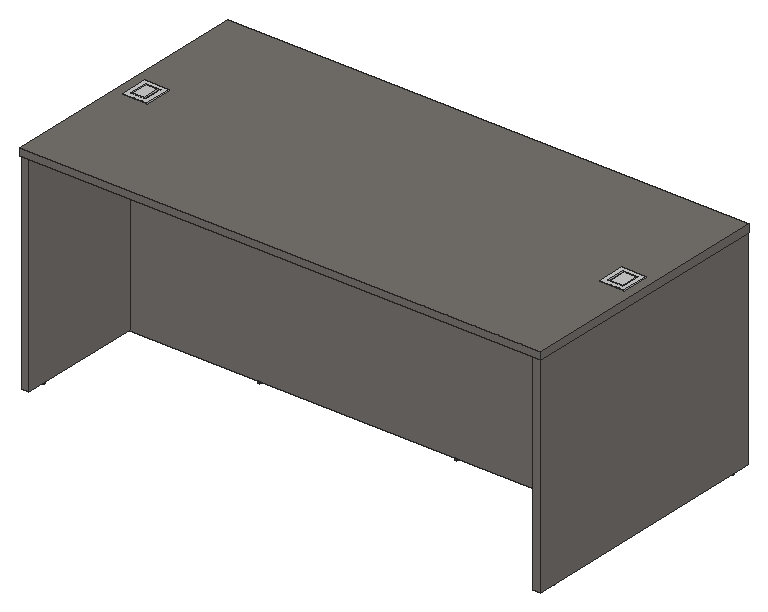
Revit family "revitupgrade", category Furniture, Revit 2020
Family settings
  Work Plane-Based = No
  Always vertical = Yes
  Cut with Voids When Loaded = No
  Shared = No
  Room Calculation Point = No
Parameters (values of type "48D x 40H - Power Cutout")
  Without Through 24'' D = no
  Width = 96.00"
  URL = "https://www.steelcase.com"
  Trough Void = 45.00"
  Top [instance] = Steelcase - 25L6 Blackwood LPL
  Symbol Name = "TS4TLP40A1,TS4TLP40A2,TS4TLP40A3,TS4TLP40A4"
  Style Number(s) = "TS4TLP40"
  Release Date = "April 2018"  # constant formula
  Product Line = "Turnstone"  # constant formula
  Product = "Campfire"  # constant formula
  Power Cutout = yes
  Opaque [instance] = yes
  Manufacturer = "Steelcase"  # constant formula
  With Trough = not(Trough Void = 45.00")  # no
  Height = 40.27"
  End Panel [instance] = Steelcase - 25L6 Blackwood LPL
  Description = ""
  Depth = 48.00"
  Default Elevation = 0.00"
  Copyright = "© 2010 Steelcase Inc."  # constant formula
  Center Rail = no
  Center Panel Height = 38.29"
  Without Trough 48'' D = yes
  Modesty Panel [instance] = Steelcase - 25L6 Blackwood LPL
  Center Panel Dist = 23.69495"
  AutoCAD Tag = "48/96"
  Authoring Version = "Revit 2016"  # constant formula
  Assembly Code = "E2020200"
Types (10): name | Without Through 24'' D | Trough Void | Symbol Name | Style Number(s) | Power Cutout | With Trough | Height | Depth | Center Rail | Center Panel Height | Without Trough 48'' D | Center Panel Dist | AutoCAD Tag
  48D x 40H - Power Cutout | no | 45.00" | "TS4TLP40A1,TS4TLP40A2,TS4TLP40A3,TS4TLP40A4" | "TS4TLP40" | yes | no | 40.27" | 48.00" | no | 38.29" | yes | 23.69495" | "48/96"
  48D x 28H - Power Cutout | no | 45.00" | "TS4TLP28A1,TS4TLP28A2,TS4TLP28A3,TS4TLP28A4" | "TS4TLP28" | yes | no | 28.00" | 48.00" | no | 26.29" | yes | 23.69495" | "48/96"
  24D x 40H | yes | 45.00" | "TS4TLH40A1,TS4TLH40A2,TS4TLH40A3,TS4TLH40A4" | "TS4TLH40" | no | no | 40.27" | 24.00" | no | 38.55" | no | 0.00" | "24/96"
  24D x 28H | yes | 45.00" | "TS4TLH28A1,TS4TLH28A2,TS4TLH28A3,TS4TLH28A4" | "TS4TLH28" | no | no | 28.00" | 24.00" | no | 26.29" | no | 0.00" | "24/96"
  48D x 28H - Through/Center Rail | no | 23.95" | "TS4TLT28A5,TS4TLT28A6,TS4TLT28A7,TS4TLT28A8" | "TS4TLT28" | yes | yes | 28.00" | 48.00" | yes | 26.29" | no | 23.69495" | "48/96"
  48D x 40H - Through/Center Rail | no | 35.95" | "TS4TLT40A5,TS4TLT40A6,TS4TLT40A7,TS4TLT40A8" | "TS4TLT40" | yes | yes | 40.00" | 48.3899" | yes | 38.29" | no | 23.69495" | "48/96"
  48D x 28H | no | 45.00" | "TS4TL2,TS4TL28A2,TS4TL28A3,TS4TL28A4" | "TS4TL28" | no | no | 28.00" | 48.00" | no | 26.29" | yes | 23.69495" | "48/96"
  48D x 28H - Through | no | 23.95" | "TS4TT2,TS4TLT28A2,TS4TLT28A3,TS4TLT28A4" | "TS4TLT28" | yes | yes | 28.00" | 48.00" | no | 26.29" | no | 23.69495" | "48/96"
  48D x 40H - Through | no | 35.95" | "TS4TT4,TS4TLT40A2,TS4TLT40A3,TS4TLT40A4" | "TS4TLT40" | yes | yes | 40.00" | 48.3899" | no | 38.29" | no | 23.69495" | "48/96"
  48D x 40H | no | 45.00" | "TS4TL4,TS4TL40A2,TS4TL40A3,TS4TL40A4" | "TS4TL40" | no | no | 40.27" | 48.00" | no | 38.56" | yes | 23.69495" | "48/96"
Reference planes (in)
  plane 1 "Center Front/Back": y = 0
  plane 2 "Bottom": z = 0
  plane 3 "Center Left/Right": x = 0
  plane 4: x = 96
  plane 5: z = 40.27
  plane 6: z = 38.8798
  plane 7: z = 0.3189
  plane 8: x = 1.5152
  plane 9: x = 0.125
  plane 10: x = 95.875
  plane 11: x = 94.4848
  plane 12: y = -0.125
  plane 13: y = -47.875
  plane 14: y = -48
  plane 15: y = -23.69495
  plane 16: y = -24.69495
  plane 17: y = -26.657
  plane 18: y = -27.657
  plane 19: y = -27.577
  plane 20: x = 85.4427
  plane 21: x = 73.4427
  plane 22: x = 64.4809
  plane 23: x = 52.4809
  plane 24: x = 43.5191
  plane 25: x = 31.5191
  plane 26: x = 22.5573
  plane 27: x = 10.5573
  plane 28: z = 37.3798
  plane 29: z = 38.7998
  plane 30: y = -21.343
  plane 31: y = -20.343
  plane 32: y = -20.423
  plane 33: z = 40.37
  plane 34: y = -21
  plane 35: y = -27
  plane 36: x = 7.89999
  plane 37: x = 88.10001
  plane 38: x = 7.99999
  plane 39: y = -26.98
  plane 40: y = -21.02
  plane 41: z = 39.97
  plane 42: z = 38.6089
  plane 43: z = 35.95
  plane 44: z = 36.065
  plane 45: z = 38.7598
  plane 46: y = -2.5
Forms (in)
  Extrusion 1, solid, material "Steelcase - 25L6 Blackwood LPL" <- "Top"
    sketch origin (0, 0, 0) x (1, 0, 0) y (0, 1, 0)
      loop
        line (0, -0.125) -> (0, -48) -> (96, -48) -> (96, -0.125) -> (0, -0.125)
    from 38.8798 to 40.27
  Extrusion 2, solid, material "Steelcase - 25L6 Blackwood LPL" <- "End Panel"
    sketch origin (0, 0, 0) x (1, 0, 0) y (0, 0, 1)
      loop
        line (0.125, 38.8798) -> (0.125, 0.3189) -> (1.5152, 0.3189) -> (1.5152, 38.8798) -> (0.125, 38.8798)
      loop
        line (94.4848, 38.8798) -> (94.4848, 0.3189) -> (95.875, 0.3189) -> (95.875, 38.8798) -> (94.4848, 38.8798)
    from 0 to 47.875
  Extrusion 3, solid, material "Steelcase - 6205 Black"
    sketch origin (0, 0, 0) x (1, 0, 0) y (0, 1, 0)
      loop
        line (1.01755, -2.625) -> (0.62255, -2.625) -> (0.2427, -3.125) -> (0.62255, -3.625) -> (1.01755, -3.625) -> (1.3974, -3.125) -> (1.01755, -2.625)
      loop
        line (1.01755, -43.62513) -> (0.62255, -43.62513) -> (0.2427, -44.12513) -> (0.62255, -44.62513) -> (1.01755, -44.62513) -> (1.3974, -44.12513) -> (1.01755, -43.62513)
      loop
        line (95.37745, -2.625) -> (94.98245, -2.625) -> (94.6026, -3.125) -> (94.98245, -3.625) -> (95.37745, -3.625) -> (95.7573, -3.125) -> (95.37745, -2.625)
      loop
        line (95.37745, -43.87487) -> (94.98245, -43.87487) -> (94.6026, -44.37487) -> (94.98245, -44.87487) -> (95.37745, -44.87487) -> (95.7573, -44.37487) -> (95.37745, -43.87487)
      loop
        line (25.55266, -23.69495) -> (25.19554, -23.69495) -> (24.79675, -24.21989) -> (25.15766, -24.69495) -> (25.59054, -24.69495) -> (25.95145, -24.21989) -> (25.55266, -23.69495)
      loop
        line (61.48554, -23.69495) -> (61.08675, -24.21989) -> (61.44766, -24.69495) -> (61.88054, -24.69495) -> (62.24145, -24.21989) -> (61.84266, -23.69495) -> (61.48554, -23.69495)
    from 0 to 0.32
  Extrusion 4, solid, material "Steelcase - 4799 Platinum Metallic", visible <- "Without Trough 48'' D"
    sketch origin (0, 0, 0) x (1, 0, 0) y (0, 0, 1)
      loop
        line (10.5573, 37.3798) -> (22.5573, 37.3798) -> (22.5573, 38.8798) -> (10.5573, 38.8798) -> (10.5573, 37.3798)
      loop
        line (31.5191, 37.3798) -> (43.5191, 37.3798) -> (43.5191, 38.8798) -> (31.5191, 38.8798) -> (31.5191, 37.3798)
      loop
        line (52.4809, 37.3798) -> (64.4809, 37.3798) -> (64.4809, 38.8798) -> (52.4809, 38.8798) -> (52.4809, 37.3798)
      loop
        line (73.4427, 37.3798) -> (85.4427, 37.3798) -> (85.4427, 38.8798) -> (73.4427, 38.8798) -> (73.4427, 37.3798)
    from 27.577 to 27.657
  Extrusion 5, solid, material "Steelcase - 4799 Platinum Metallic", visible <- "Without Trough 48'' D"
    sketch origin (0, 0, 0) x (1, 0, 0) y (0, 1, 0)
      loop
        line (10.5573, -26.657) -> (10.5573, -27.577) -> (22.5573, -27.577) -> (22.5573, -26.657) -> (10.5573, -26.657)
      loop
        line (31.5191, -26.657) -> (31.5191, -27.577) -> (43.5191, -27.577) -> (43.5191, -26.657) -> (31.5191, -26.657)
      loop
        line (52.4809, -26.657) -> (52.4809, -27.577) -> (64.4809, -27.577) -> (64.4809, -26.657) -> (52.4809, -26.657)
      loop
        line (73.4427, -26.657) -> (73.4427, -27.577) -> (85.4427, -27.577) -> (85.4427, -26.657) -> (73.4427, -26.657)
    from 38.7998 to 38.8798
  Extrusion 6, solid, material "Steelcase - 4799 Platinum Metallic", visible <- "Without Trough 48'' D"
    sketch origin (0, -48, 0) x (1, 0, 0) y (0, 1, 0)
      loop
        line (10.5573, 26.657) -> (22.5573, 26.657) -> (22.5573, 27.577) -> (10.5573, 27.577) -> (10.5573, 26.657)
      loop
        line (31.5191, 26.657) -> (43.5191, 26.657) -> (43.5191, 27.577) -> (31.5191, 27.577) -> (31.5191, 26.657)
      loop
        line (52.4809, 26.657) -> (64.4809, 26.657) -> (64.4809, 27.577) -> (52.4809, 27.577) -> (52.4809, 26.657)
      loop
        line (73.4427, 26.657) -> (85.4427, 26.657) -> (85.4427, 27.577) -> (73.4427, 27.577) -> (73.4427, 26.657)
    from 38.7998 to 38.8798
  Extrusion 7, solid, material "Steelcase - 4799 Platinum Metallic", visible <- "Without Trough 48'' D"
    sketch origin (0, -47.99716, -4.5) x (1, 0, 0) y (0, 0, -1)
      loop
        line (10.5573, -41.8798) -> (10.5573, -43.3798) -> (22.5573, -43.3798) -> (22.5573, -41.8798) -> (10.5573, -41.8798)
      loop
        line (31.5191, -41.8798) -> (31.5191, -43.3798) -> (43.5191, -43.3798) -> (43.5191, -41.8798) -> (31.5191, -41.8798)
      loop
        line (52.4809, -41.8798) -> (52.4809, -43.3798) -> (64.4809, -43.3798) -> (64.4809, -41.8798) -> (52.4809, -41.8798)
      loop
        line (73.4427, -41.8798) -> (73.4427, -43.3798) -> (85.4427, -43.3798) -> (85.4427, -41.8798) -> (73.4427, -41.8798)
    from 27.57416 to 27.65416
  Extrusion 8, void, detail levels fine
    sketch origin (0, 0, 0) x (1, 0, 0) y (0, 1, 0)
      loop
        line (0, -21) -> (0, -27) -> (96, -27) -> (96, -21) -> (0, -21)
    from 45 <- "Trough Void" to 40.27
  Extrusion 9, solid, material "Steelcase - 4799 Platinum Metallic", visible <- "With Trough"
    sketch origin (88.10001, -20.02, 48) x (0, -1, 0) y (0, 0, 1)
      loop
        line (-1.02, -12.05) -> (8.98, -12.05) -> (8.98, -9.2402) -> (9.98, -9.2402) -> (9.98, -9.1202) -> (8.865, -9.1202) -> (8.865, -11.935) -> (-0.905, -11.935) -> (-0.905, -9.1202) -> (-2.02, -9.1202) -> (-2.02, -9.2402) -> (-1.02, -9.2402) -> (-1.02, -12.05)
    from 0 to 80.20001
  Extrusion 10, solid, material "Steelcase - 8043 Clear Anodized Aluminum", visible <- "With Trough"
    sketch origin (0, 0, 0) x (1, 0, 0) y (0, 1, 0)
      loop
        line (0, -21.02) -> (0, -26.98) -> (7.99999, -26.98) -> (7.99999, -21.02) -> (0, -21.02)
      loop
        line (1.8, -21.5) -> (1.8, -26.5) -> (6.22, -26.5) -> (6.22, -21.5) -> (1.8, -21.5)
      loop
        line (96, -21.02) -> (88.00001, -21.02) -> (88.00001, -26.98) -> (96, -26.98) -> (96, -21.02)
      loop
        line (94.2, -21.5) -> (89.78, -21.5) -> (89.78, -26.5) -> (94.2, -26.5) -> (94.2, -21.5)
    from 38.8798 to 40.27
  Extrusion 11, solid, material "Steelcase - 8043 Clear Anodized Aluminum", visible <- "Power Cutout"
    sketch origin (0, 0, 0) x (1, 0, 0) y (0, 1, 0)
      loop
        line (1.8, -21.5) -> (1.8, -26.5) -> (6.22, -26.5) -> (6.22, -21.5) -> (1.8, -21.5)
      loop
        line (2.60001, -22.3) -> (2.60001, -25.7) -> (5.41999, -25.7) -> (5.41999, -22.3) -> (2.60001, -22.3)
      loop
        line (2.74999, -22.35) -> (2.74999, -25.65) -> (4.92, -25.65) -> (4.92, -22.35) -> (2.74999, -22.35)
      loop
        line (94.19999, -21.5) -> (89.77999, -21.5) -> (89.77999, -26.5) -> (94.19999, -26.5) -> (94.19999, -21.5)
      loop
        line (93.39998, -22.3) -> (90.58, -22.3) -> (90.58, -25.7) -> (93.39998, -25.7) -> (93.39998, -22.3)
      loop
        line (93.25, -22.35) -> (91.07999, -22.35) -> (91.07999, -25.65) -> (93.25, -25.65) -> (93.25, -22.35)
    from 39.97 to 40.37
  Extrusion 12, solid, material "Steelcase - 25L6 Blackwood LPL" <- "Modesty Panel"
    sketch origin (0, 0, 0) x (1, 0, 0) y (0, 1, 0)
      loop
        line (1.5152, -23.69495) -> (1.5152, -24.69495) -> (94.4848, -24.69495) -> (94.4848, -23.69495) -> (1.5152, -23.69495)
    from 0.3189 to 38.6089
  Extrusion 13, solid, material "Steelcase - 8043 Clear Anodized Aluminum", visible <- "With Trough"
    sketch origin (0, 0, 0) x (1, 0, 0) y (0, 1, 0)
      loop
        line (7.89999, -21.02) -> (7.89999, -26.98) -> (7.99999, -26.98) -> (7.99999, -21.02) -> (7.89999, -21.02)
      loop
        line (88.00001, -21) -> (88.00001, -27) -> (88.10001, -27) -> (88.10001, -21) -> (88.00001, -21)
    from 35.95 to 38.8798
  Extrusion 14, solid, material "Steelcase - 4799 Platinum Metallic", visible <- "Without Through 24'' D"
    sketch origin (0, 0, 0) x (1, 0, 0) y (0, 1, 0)
      loop
        line (10.5573, -2.5) -> (10.5573, -3.5499) -> (22.5573, -3.5499) -> (22.5573, -2.5) -> (10.5573, -2.5)
    from 38.7998 to 38.8798
  Extrusion 15, solid, material "Steelcase - 4799 Platinum Metallic", visible <- "Without Through 24'' D"
    sketch origin (0, 0, 0) x (0, 1, 0) y (0, 0, 1)
      loop
        line (-3.5499, 38.8798) -> (-3.60399, 38.8798) -> (-3.60399, 37.3798) -> (-3.5499, 37.3798) -> (-3.5499, 38.8798)
    from 10.5573 to 22.5573
  Extrusion 16, solid, material "Steelcase - 4799 Platinum Metallic", visible <- "Without Through 24'' D"
    sketch origin (20.9618, 0, 0) x (1, 0, 0) y (0, 1, 0)
      loop
        line (10.5573, -2.5) -> (10.5573, -3.5499) -> (22.5573, -3.5499) -> (22.5573, -2.5) -> (10.5573, -2.5)
    from 38.7998 to 38.6089
  Extrusion 17, solid, material "Steelcase - 4799 Platinum Metallic", visible <- "Without Through 24'' D"
    sketch origin (41.9236, 0, 0) x (1, 0, 0) y (0, 1, 0)
      loop
        line (10.5573, -2.5) -> (10.5573, -3.5499) -> (22.5573, -3.5499) -> (22.5573, -2.5) -> (10.5573, -2.5)
    from 38.7998 to 38.6089
  Extrusion 18, solid, material "Steelcase - 4799 Platinum Metallic", visible <- "Without Through 24'' D"
    sketch origin (62.8854, 0, 0) x (1, 0, 0) y (0, 1, 0)
      loop
        line (10.5573, -2.5) -> (10.5573, -3.5499) -> (22.5573, -3.5499) -> (22.5573, -2.5) -> (10.5573, -2.5)
    from 38.7998 to 38.6089
  Extrusion 19, solid, material "Steelcase - 4799 Platinum Metallic", visible <- "Without Through 24'' D"
    sketch origin (0, 0, 0) x (0, 1, 0) y (0, 0, 1)
      loop
        line (-3.5499, 38.8798) -> (-3.60399, 38.8798) -> (-3.60399, 37.3798) -> (-3.5499, 37.3798) -> (-3.5499, 38.8798)
    from 31.5191 to 43.5191
  Extrusion 20, solid, material "Steelcase - 4799 Platinum Metallic", visible <- "Without Through 24'' D"
    sketch origin (0, 0, 0) x (0, 1, 0) y (0, 0, 1)
      loop
        line (-3.5499, 38.8798) -> (-3.60399, 38.8798) -> (-3.60399, 37.3798) -> (-3.5499, 37.3798) -> (-3.5499, 38.8798)
    from 52.4809 to 64.4809
  Extrusion 21, solid, material "Steelcase - 4799 Platinum Metallic", visible <- "Without Through 24'' D"
    sketch origin (0, 0, 0) x (0, 1, 0) y (0, 0, 1)
      loop
        line (-3.5499, 38.8798) -> (-3.60399, 38.8798) -> (-3.60399, 37.3798) -> (-3.5499, 37.3798) -> (-3.5499, 38.8798)
    from 73.4427 to 85.4427
Cuts and joins
  Extrusion 8 cuts Extrusion 3
  Extrusion 8 cuts Extrusion 1
  joined: Extrusion 10, Extrusion 13
  Extrusion 8 cuts Extrusion 12
Lines and regions (in)
  Masking region 1, visible <- "Opaque"
    outline origin (0, 0, 0) x (1, 0, 0) y (0, 1, 0)
      loop
        line (96, 0) -> (0, 0) -> (0, -48) -> (96, -48) -> (96, 0)
  symbolic lines, style "Steelcase Hidden Lines", detail levels medium+fine
    curve 1: line (1.5152, -0.125, 0) -> (1.5152, -47.875, 0)
    curve 2: line (0.125, -47.875, 0) -> (0.125, -0.125, 0)
    curve 3: line (0.125, -0.125, 0) -> (1.5152, -0.125, 0)
    curve 4: line (1.5152, -47.875, 0) -> (0.125, -47.875, 0)
    curve 5: line (94.4848, 0, 0) -> (1.5152, 0, 0)
    curve 6: line (94.4848, -47.875, 0) -> (94.4848, -0.125, 0)
    curve 7: line (95.875, -0.125, 0) -> (95.875, -47.875, 0)
    curve 8: line (95.875, -47.875, 0) -> (94.4848, -47.875, 0)
    curve 9: line (94.4848, -0.125, 0) -> (95.875, -0.125, 0)
  symbolic lines, style "Steelcase Furniture", visible <- "With Trough", detail levels medium+fine
    curve 10: line (0, -21, 0) -> (96, -21, 0)
    curve 11: line (0, -27, 0) -> (96, -27, 0)
    curve 12: line (8, -21.02, 0) -> (0, -21.02, 0)
    curve 13: line (8, -26.98, 0) -> (8, -21.02, 0)
    curve 14: line (0, -26.98, 0) -> (8, -26.98, 0)
    curve 15: line (88, -21.02, 0) -> (88, -26.98, 0)
    curve 16: line (96, -21.02, 0) -> (88, -21.02, 0)
    curve 17: line (88, -26.98, 0) -> (96, -26.98, 0)
  symbolic lines, style "Steelcase Hidden Lines", visible <- "Without Trough 48'' D", detail levels medium+fine
    curve 18: line (31.5191, -27.657, 0) -> (43.5191, -27.657, 0)
    curve 19: line (43.5191, -26.657, 0) -> (31.5191, -26.657, 0)
    curve 20: line (31.5191, -26.657, 0) -> (31.5191, -27.657, 0)
    curve 21: line (43.5191, -27.657, 0) -> (43.5191, -26.657, 0)
    curve 22: line (10.5573, -27.657, 0) -> (22.5573, -27.657, 0)
    curve 23: line (22.5573, -26.657, 0) -> (10.5573, -26.657, 0)
    curve 24: line (10.5573, -26.657, 0) -> (10.5573, -27.657, 0)
    curve 25: line (22.5573, -27.657, 0) -> (22.5573, -26.657, 0)
    curve 26: line (10.5573, -21.343, 0) -> (22.5573, -21.343, 0)
    curve 27: line (22.5573, -20.343, 0) -> (10.5573, -20.343, 0)
    curve 28: line (10.5573, -20.343, 0) -> (10.5573, -21.343, 0)
    curve 29: line (22.5573, -21.343, 0) -> (22.5573, -20.343, 0)
    curve 30: line (31.5191, -21.343, 0) -> (43.5191, -21.343, 0)
    curve 31: line (43.5191, -20.343, 0) -> (31.5191, -20.343, 0)
    curve 32: line (31.5191, -20.343, 0) -> (31.5191, -21.343, 0)
    curve 33: line (43.5191, -21.343, 0) -> (43.5191, -20.343, 0)
    curve 34: line (52.4809, -21.343, 0) -> (64.4809, -21.343, 0)
    curve 35: line (64.4809, -20.343, 0) -> (52.4809, -20.343, 0)
    curve 36: line (52.4809, -20.343, 0) -> (52.4809, -21.343, 0)
    curve 37: line (64.4809, -21.343, 0) -> (64.4809, -20.343, 0)
    curve 38: line (52.4809, -27.657, 0) -> (64.4809, -27.657, 0)
    curve 39: line (64.4809, -26.657, 0) -> (52.4809, -26.657, 0)
    curve 40: line (52.4809, -26.657, 0) -> (52.4809, -27.657, 0)
    curve 41: line (64.4809, -27.657, 0) -> (64.4809, -26.657, 0)
    curve 42: line (73.4427, -21.343, 0) -> (85.4427, -21.343, 0)
    curve 43: line (85.4427, -20.343, 0) -> (73.4427, -20.343, 0)
    curve 44: line (73.4427, -20.343, 0) -> (73.4427, -21.343, 0)
    curve 45: line (85.4427, -21.343, 0) -> (85.4427, -20.343, 0)
    curve 46: line (73.4427, -27.657, 0) -> (85.4427, -27.657, 0)
    curve 47: line (85.4427, -26.657, 0) -> (73.4427, -26.657, 0)
    curve 48: line (73.4427, -26.657, 0) -> (73.4427, -27.657, 0)
    curve 49: line (85.4427, -27.657, 0) -> (85.4427, -26.657, 0)
  symbolic lines, style "Steelcase Furniture"
    curve 50: line (0, 0, 0) -> (96, 0, 0)
    curve 51: line (0, -48, 0) -> (0, 0, 0)
    curve 52: line (96, -48, 0) -> (0, -48, 0)
    curve 53: line (96, 0, 0) -> (96, -48, 0)
  symbolic lines, style "Steelcase Hidden Lines", visible <- "Without Through 24'' D"
    curve 54: line (10.5573, -2.5, 0) -> (10.5573, -3.60399, 0)
    curve 55: line (10.5573, -3.60399, 0) -> (22.5573, -3.60399, 0)
    curve 56: line (22.5573, -2.5, 0) -> (10.5573, -2.5, 0)
    curve 57: line (22.5573, -3.60399, 0) -> (22.5573, -2.5, 0)
    curve 58: line (31.5191, -2.5, 0) -> (31.5191, -3.60399, 0)
    curve 59: line (31.5191, -3.60399, 0) -> (43.5191, -3.60399, 0)
    curve 60: line (43.5191, -2.5, 0) -> (31.5191, -2.5, 0)
    curve 61: line (43.5191, -3.60399, 0) -> (43.5191, -2.5, 0)
    curve 62: line (64.4809, -3.60399, 0) -> (64.4809, -2.5, 0)
    curve 63: line (64.4809, -2.5, 0) -> (52.4809, -2.5, 0)
    curve 64: line (52.4809, -3.60399, 0) -> (64.4809, -3.60399, 0)
    curve 65: line (52.4809, -2.5, 0) -> (52.4809, -3.60399, 0)
    curve 66: line (73.4427, -2.5, 0) -> (73.4427, -3.60399, 0)
    curve 67: line (85.4427, -2.5, 0) -> (73.4427, -2.5, 0)
    curve 68: line (85.4427, -3.60399, 0) -> (85.4427, -2.5, 0)
    curve 69: line (73.4427, -3.60399, 0) -> (85.4427, -3.60399, 0)
  symbolic lines, style "Steelcase Furniture", visible <- "Power Cutout"
    curve 70: line (1.8, -21.5, 0) -> (6.22, -21.5, 0)
    curve 71: line (1.8, -26.5, 0) -> (1.8, -21.5, 0)
    curve 72: line (6.22, -26.5, 0) -> (1.8, -26.5, 0)
    curve 73: line (6.22, -21.5, 0) -> (6.22, -26.5, 0)
    curve 74: line (89.78, -21.5, 0) -> (94.19999, -21.5, 0)
    curve 75: line (89.78, -26.5, 0) -> (89.78, -21.5, 0)
    curve 76: line (94.19999, -26.5, 0) -> (89.78, -26.5, 0)
    curve 77: line (94.19999, -21.5, 0) -> (94.19999, -26.5, 0)
  symbolic lines, style "Steelcase Hidden Lines"
    curve 78: line (94.4848, -24.69495, 0) -> (1.5152, -24.69495, 0)
    curve 79: line (94.4848, -23.69495, 0) -> (94.4848, -24.69495, 0)
    curve 80: line (1.5152, -23.69495, 0) -> (94.4848, -23.69495, 0)
    curve 81: line (1.5152, -24.69495, 0) -> (1.5152, -23.69495, 0)
Dimensions and locks (in)
  plane 3 "Center Left/Right" to plane 9 to plane 8 = 0.125" locked, 1.3902" locked
  plane 11 to plane 10 to plane 4 = 1.3902" locked, 0.125" locked
  locked: plane 12 to plane 1 "Center Front/Back" at 0.125
  locked: plane 14 to plane 13 at 0.125
  plane 30 to plane 32 to plane 31 = 0.92" locked, 0.08" locked
  plane 17 to plane 19 to plane 18 = 0.92" locked, 0.08" locked
  "Center Panel Height": plane 42 to plane 7
  "Height": plane 5 to plane 2 "Bottom"
  locked: plane 7 to plane 2 "Bottom" at 0.3189
  plane 33 to plane 5 to plane 41 to plane 6 to plane 29 to plane 45 to plane 28 to plane 44 to plane 43 = 0.10" locked, 0.30" locked, 1.0902" locked, 0.08" locked, 0.04" locked, 1.38" locked, 1.3148" locked, 0.115"
  "Width": plane 3 "Center Left/Right" to plane 4
  "Depth": plane 14 to plane 1 "Center Front/Back"
  locked: plane 15 to plane 16 at 1
  "Center Panel Dist": plane 1 "Center Front/Back" to plane 15
  plane 46 to plane 1 "Center Front/Back" = 2.50"
  aligned and locked: level to plane 2 "Bottom"
  aligned and locked: plane 5 to Extrusion 1
  aligned and locked: Extrusion 1 to plane 6
  aligned and locked: Extrusion 2 to plane 1 "Center Front/Back"
  aligned and locked: Extrusion 1 to plane 12
  aligned and locked: plane 13 to Extrusion 2
  aligned and locked: plane 14 to Extrusion 1
  aligned and locked: Extrusion 3 to plane 2 "Bottom"
  aligned and locked: Extrusion 4 to plane 18
  aligned and locked: plane 19 to Extrusion 4
  aligned and locked: plane 29 to Extrusion 5
  aligned and locked: plane 6 to Extrusion 5
  aligned and locked: Extrusion 6 to plane 32  (x4)
  aligned and locked: Extrusion 7 to plane 31
  aligned and locked: Extrusion 7 to plane 32
  aligned and locked: plane 30 to Extrusion 6  (x2)
  aligned and locked: Extrusion 6 to plane 30  (x2)
  aligned and locked: plane 6 to Extrusion 7
  aligned and locked: Extrusion 7 to plane 28
  aligned and locked: Extrusion 7 to plane 6  (x3)
  aligned and locked: plane 28 to Extrusion 7  (x3)
  aligned and locked: Extrusion 6 to plane 29
  aligned and locked: Extrusion 6 to plane 6
  aligned and locked: Extrusion 1 to Extrusion 8
  aligned and locked: plane 36 to Extrusion 9
  aligned and locked: Extrusion 10 to plane 5
  aligned and locked: Extrusion 10 to plane 6
  aligned and locked: plane 33 to Extrusion 11
  aligned and locked: Extrusion 11 to plane 41
  aligned and locked: plane 8 to Extrusion 12
  aligned and locked: Extrusion 12 to plane 11
  aligned and locked: Extrusion 12 to plane 7
  aligned and locked: Extrusion 12 to plane 42
  aligned and locked: plane 38 to Extrusion 13 sketch curve
  aligned and locked: Extrusion 13 sketch curve to plane 36
  aligned and locked: plane 40 to Extrusion 13 sketch curve
  aligned and locked: Extrusion 13 sketch curve to plane 39
  aligned and locked: plane 43 to Extrusion 13
  aligned and locked: plane 6 to Extrusion 13
  aligned and locked: Masking region 1 sketch curve to plane 1 "Center Front/Back"
  aligned and locked: plane 14 to Masking region 1 sketch curve
  aligned and locked: Masking region 1 sketch curve to plane 3 "Center Left/Right"
  aligned and locked: Masking region 1 sketch curve to plane 4
  aligned and locked: plane 15 to Extrusion 12
  aligned and locked: Extrusion 12 to plane 16
  aligned and locked: Extrusion 12 sketch curve to plane 15
  aligned and locked: plane 16 to Extrusion 12 sketch curve
  aligned and locked: plane 44 to nested 1
  aligned and locked: Extrusion 14 to cut or joined group of Extrusion 1, Extrusion 8
  aligned and locked: Extrusion 14 to plane 29
  aligned and locked: cut or joined group of Extrusion 1, Extrusion 8 to Extrusion 15 sketch curve
  aligned and locked: plane 28 to Extrusion 15 sketch curve
  aligned and locked: Extrusion 15 to Extrusion 14
  aligned and locked: Extrusion 15 to plane 27
  aligned and locked: plane 26 to Extrusion 15
  aligned and locked: Extrusion 16 to plane 29
  aligned and locked: Extrusion 17 to plane 29
  aligned and locked: Extrusion 18 to plane 29
  aligned and locked: Extrusion 16 to plane 42
  aligned and locked: Extrusion 17 to plane 42
  aligned and locked: Extrusion 18 to plane 42
  aligned and locked: curve 54 to Extrusion 14
  aligned and locked: curve 55 to Extrusion 15
  aligned and locked: curve 56 to Extrusion 14
  aligned and locked: curve 57 to Extrusion 14
  aligned and locked: curve 58 to Extrusion 16
  aligned and locked: curve 59 to Extrusion 19
  aligned and locked: curve 60 to Extrusion 16
  aligned and locked: curve 61 to Extrusion 16
  aligned and locked: curve 62 to Extrusion 17
  aligned and locked: curve 63 to Extrusion 17
  aligned and locked: curve 64 to Extrusion 20
  aligned and locked: curve 65 to Extrusion 17
  aligned and locked: curve 66 to Extrusion 18
  aligned and locked: curve 67 to Extrusion 18
  aligned and locked: curve 68 to Extrusion 18
  aligned and locked: curve 69 to Extrusion 21
  aligned and locked: Extrusion 3 sketch curve to plane 15
  aligned and locked: Extrusion 3 sketch curve to plane 16
  aligned and locked: curve 70 to Extrusion 11
  aligned and locked: curve 71 to Extrusion 11
  aligned and locked: curve 72 to Extrusion 11
  aligned and locked: curve 73 to Extrusion 11
  aligned and locked: curve 74 to cut or joined group of Extrusion 10, Extrusion 13
  aligned and locked: curve 75 to cut or joined group of Extrusion 10, Extrusion 13
  aligned and locked: curve 76 to Extrusion 11
  aligned and locked: curve 77 to Extrusion 11
  aligned and locked: curve 78 to cut or joined group of Extrusion 8, Extrusion 12
  aligned and locked: curve 79 to curve 6
  aligned and locked: curve 80 to plane 15
Automatic sketch dimensions
  Extrusion 1 sketch curve to plane 3 "Center Left/Right" = 0.00"
  Extrusion 1 sketch curve to plane 4 = 0.00"
  plane 14 to Extrusion 1 sketch curve = 0.00"
  plane 12 to Extrusion 1 sketch curve = 0.00"
  Extrusion 2 sketch curve to plane 7 = 0.00"  (x2)
  plane 9 to Extrusion 2 sketch curve = 0.00"
  plane 8 to Extrusion 2 sketch curve = 0.00"
  Extrusion 2 sketch curve to plane 6 = 0.00"  (x2)
  plane 11 to Extrusion 2 sketch curve = 0.00"
  plane 10 to Extrusion 2 sketch curve = 0.00"
  Extrusion 4 sketch curve to plane 6 = 0.00"  (x4)
  plane 27 to Extrusion 4 sketch curve = 0.00"
  plane 26 to Extrusion 4 sketch curve = 0.00"
  plane 25 to Extrusion 4 sketch curve = 0.00"
  plane 24 to Extrusion 4 sketch curve = 0.00"
  plane 23 to Extrusion 4 sketch curve = 0.00"
  plane 22 to Extrusion 4 sketch curve = 0.00"
  plane 21 to Extrusion 4 sketch curve = 0.00"
  plane 20 to Extrusion 4 sketch curve = 0.00"
  Extrusion 4 sketch curve to plane 28 = 0.00"  (x4)
  Extrusion 5 sketch curve to plane 19 = 0.00"  (x4)
  Extrusion 5 sketch curve to plane 27 = 0.00"
  Extrusion 5 sketch curve to plane 26 = 0.00"
  Extrusion 5 sketch curve to plane 17 = 0.00"  (x4)
  Extrusion 5 sketch curve to plane 25 = 0.00"
  Extrusion 5 sketch curve to plane 24 = 0.00"
  Extrusion 5 sketch curve to plane 23 = 0.00"
  Extrusion 5 sketch curve to plane 22 = 0.00"
  Extrusion 5 sketch curve to plane 21 = 0.00"
  Extrusion 5 sketch curve to plane 20 = 0.00"
  Extrusion 6 sketch curve to plane 27 = 0.00"
  Extrusion 6 sketch curve to plane 26 = 0.00"
  Extrusion 6 sketch curve to plane 25 = 0.00"
  Extrusion 6 sketch curve to plane 24 = 0.00"
  Extrusion 6 sketch curve to plane 23 = 0.00"
  Extrusion 6 sketch curve to plane 22 = 0.00"
  Extrusion 6 sketch curve to plane 21 = 0.00"
  Extrusion 6 sketch curve to plane 20 = 0.00"
  plane 32 to Extrusion 6 sketch curve = 0.00"  (x3)
  Extrusion 6 sketch curve to plane 32 = 0.00"
  plane 30 to Extrusion 6 sketch curve = 0.00"  (x4)
  Extrusion 7 sketch curve to plane 6 = 0.00"  (x4)
  plane 27 to Extrusion 7 sketch curve = 0.00"
  plane 26 to Extrusion 7 sketch curve = 0.00"
  plane 25 to Extrusion 7 sketch curve = 0.00"
  plane 24 to Extrusion 7 sketch curve = 0.00"
  plane 23 to Extrusion 7 sketch curve = 0.00"
  plane 22 to Extrusion 7 sketch curve = 0.00"
  plane 21 to Extrusion 7 sketch curve = 0.00"
  plane 20 to Extrusion 7 sketch curve = 0.00"
  Extrusion 7 sketch curve to plane 28 = 0.00"  (x4)
  Extrusion 8 sketch curve to plane 3 "Center Left/Right" = 0.00"
  Extrusion 8 sketch curve to plane 4 = 0.00"
  plane 35 to Extrusion 8 sketch curve = 0.00"
  plane 34 to Extrusion 8 sketch curve = 0.00"
  Extrusion 9 sketch curve to plane 6 = 0.00"  (x2)
  plane 45 to Extrusion 9 sketch curve = 0.00"  (x2)
  plane 43 to Extrusion 9 sketch curve = 0.00"
  plane 44 to Extrusion 9 sketch curve = 0.00"
  Extrusion 9 sketch curve to plane 31 = 2.343"
  Extrusion 9 sketch curve to Extrusion 9 sketch curve = 1.00"  (x2)
  Extrusion 9 sketch curve to Extrusion 9 sketch curve = 0.115"  (x2)
  Extrusion 9 sketch curve to plane 18 = 1.228"
  Extrusion 10 sketch curve to plane 3 "Center Left/Right" = 0.00"
  Extrusion 10 sketch curve to plane 38 = 0.00"
  plane 40 to Extrusion 10 sketch curve = 0.00"  (x2)
  plane 39 to Extrusion 10 sketch curve = 0.00"  (x2)
  Extrusion 10 sketch curve to plane 4 = 0.00"
  Extrusion 10 sketch curve to plane 8 = 0.2848"
  plane 30 to Extrusion 10 sketch curve = 0.157"  (x2)
  plane 36 to Extrusion 10 sketch curve = 1.67999"
  plane 37 to Extrusion 10 sketch curve = 0.10"
  Extrusion 10 sketch curve to plane 37 = 1.67999"
  plane 11 to Extrusion 10 sketch curve = 0.2848"
  plane 17 to Extrusion 10 sketch curve = 0.157"  (x2)
  Extrusion 11 sketch curve to plane 8 = 0.2848"
  Extrusion 11 sketch curve to plane 8 = 1.08481"
  Extrusion 11 sketch curve to Extrusion 11 sketch curve = 0.14999"  (x2)
  plane 17 to Extrusion 11 sketch curve = 1.007"  (x2)
  Extrusion 11 sketch curve to Extrusion 11 sketch curve = 2.17001"
  Extrusion 11 sketch curve to Extrusion 11 sketch curve = 0.49999"  (x2)
  plane 30 to Extrusion 11 sketch curve = 0.157"  (x2)
  Extrusion 11 sketch curve to Extrusion 11 sketch curve = 0.80001"  (x2)
  Extrusion 11 sketch curve to plane 37 = 1.67998"
  plane 11 to Extrusion 11 sketch curve = 1.2348"
  plane 11 to Extrusion 11 sketch curve = 0.28481"
  Extrusion 11 sketch curve to Extrusion 11 sketch curve = 0.05"  (x4)
  plane 17 to Extrusion 11 sketch curve = 0.157"  (x2)
  plane 30 to Extrusion 11 sketch curve = 1.007"  (x2)
  Extrusion 12 sketch curve to plane 8 = 0.00"
  Extrusion 12 sketch curve to plane 11 = 0.00"
  plane 34 to Extrusion 13 sketch curve = 0.00"
  plane 35 to Extrusion 13 sketch curve = 0.00"
  Extrusion 13 sketch curve to plane 37 = 0.00"
  plane 37 to Extrusion 13 sketch curve = 0.10"
  Extrusion 14 sketch curve to plane 27 = 0.00"
  Extrusion 14 sketch curve to plane 26 = 0.00"
  plane 46 to Extrusion 14 sketch curve = 0.00"
  plane 46 to Extrusion 14 sketch curve = 1.0499"
  plane 46 to Extrusion 15 sketch curve = 1.10399"
  Extrusion 15 sketch curve to Extrusion 15 sketch curve = 0.05409"
  Extrusion 16 sketch curve to plane 25 = 0.00"
  Extrusion 16 sketch curve to plane 24 = 0.00"
  plane 46 to Extrusion 16 sketch curve = 0.00"
  Extrusion 16 sketch curve to Extrusion 16 sketch curve = 1.0499"
  Extrusion 17 sketch curve to plane 23 = 0.00"
  Extrusion 17 sketch curve to plane 22 = 0.00"
  plane 46 to Extrusion 17 sketch curve = 0.00"
  Extrusion 17 sketch curve to Extrusion 17 sketch curve = 1.0499"
  Extrusion 18 sketch curve to plane 21 = 0.00"
  Extrusion 18 sketch curve to plane 20 = 0.00"
  plane 46 to Extrusion 18 sketch curve = 0.00"
  Extrusion 18 sketch curve to Extrusion 18 sketch curve = 1.0499"
  plane 6 to Extrusion 19 sketch curve = 0.00"
  Extrusion 19 sketch curve to plane 28 = 0.00"
  plane 46 to Extrusion 19 sketch curve = 1.10399"
  Extrusion 19 sketch curve to Extrusion 19 sketch curve = 0.05409"
  plane 6 to Extrusion 20 sketch curve = 0.00"
  Extrusion 20 sketch curve to plane 28 = 0.00"
  plane 46 to Extrusion 20 sketch curve = 1.10399"
  Extrusion 20 sketch curve to Extrusion 20 sketch curve = 0.05409"
  plane 6 to Extrusion 21 sketch curve = 0.00"
  Extrusion 21 sketch curve to plane 28 = 0.00"
  plane 46 to Extrusion 21 sketch curve = 1.10399"
  Extrusion 21 sketch curve to Extrusion 21 sketch curve = 0.05409"
  Extrusion 3 sketch curve to plane 16 = 0.00"
  Extrusion 3 sketch curve to plane 15 = 0.00"
  Extrusion 3 sketch curve to plane 9 = 0.1177"  (x2)
  plane 46 to Extrusion 3 sketch curve = 0.125"  (x2)
  Extrusion 3 sketch curve to plane 9 = 0.49755"  (x4)
  Extrusion 3 sketch curve to Extrusion 3 sketch curve = 0.395"  (x8)
  plane 8 to Extrusion 3 sketch curve = 0.1178"  (x2)
  plane 16 to Extrusion 3 sketch curve = 0.47506"  (x4)
  Extrusion 3 sketch curve to plane 26 = 2.23945"
  Extrusion 3 sketch curve to Extrusion 3 sketch curve = 0.36091"  (x4)
  Extrusion 3 sketch curve to Extrusion 3 sketch curve = 0.39879"  (x2)
  Extrusion 3 sketch curve to Extrusion 3 sketch curve = 0.35711"  (x2)
  Extrusion 3 sketch curve to Extrusion 3 sketch curve = 0.43289"  (x2)
  plane 22 to Extrusion 3 sketch curve = 3.39415"
  Extrusion 3 sketch curve to plane 11 = 0.1178"  (x2)
  Extrusion 3 sketch curve to plane 11 = 0.49765"  (x4)
  plane 10 to Extrusion 3 sketch curve = 0.1177"  (x2)
  Extrusion 3 sketch curve to plane 13 = 4.24987"
  Extrusion 3 sketch curve to plane 13 = 4.00013"
  Extrusion 3 sketch curve to Extrusion 3 sketch curve = 0.50"  (x6)
  Extrusion 3 sketch curve to Extrusion 3 sketch curve = 1.00"  (x2)
  plane 46 to Extrusion 3 sketch curve = 0.625"  (x4)
  curve 11 to plane 3 "Center Left/Right" = 0.00"
  curve 28 to plane 27 = 0.00"
  curve 24 to plane 27 = 0.00"
  curve 23 to plane 17 = 0.00"
  curve 23 to plane 26 = 0.00"
  curve 29 to plane 26 = 0.00"
  curve 20 to plane 17 = 0.00"
  curve 40 to plane 17 = 0.00"
  curve 48 to plane 17 = 0.00"
  curve 17 to plane 4 = 0.00"
  plane 14 to curve 51 = 0.00"
  plane 35 to curve 11 = 0.00"
  plane 34 to curve 10 = 0.00"
  plane 1 "Center Front/Back" to curve 50 = 0.00"
  plane 9 to curve 3 = 0.00"
  plane 8 to curve 78 = 0.00"
  plane 8 to curve 3 = 0.00"
  plane 39 to curve 13 = 0.00"
  curve 13 to plane 38 = 0.00"
  plane 25 to curve 20 = 0.00"
  plane 25 to curve 30 = 0.00"
  plane 24 to curve 31 = 0.00"
  plane 24 to curve 21 = 0.00"
  curve 34 to plane 23 = 0.00"
  curve 40 to plane 23 = 0.00"
  curve 37 to plane 22 = 0.00"
  curve 39 to plane 22 = 0.00"
  curve 46 to plane 21 = 0.00"
  plane 31 to curve 44 = 0.00"
  curve 44 to plane 21 = 0.00"
  curve 46 to plane 20 = 0.00"
  curve 43 to plane 20 = 0.00"
  curve 16 to plane 40 = 0.00"
  plane 37 to curve 16 = 0.10001"
  plane 12 to curve 6 = 0.00"
  plane 11 to curve 6 = 0.00001"
  plane 10 to curve 7 = 0.00001"
  plane 13 to curve 2 = 0.00"
  plane 13 to curve 8 = 0.00"
  curve 49 to plane 18 = 0.00"
  curve 41 to plane 18 = 0.00"
  curve 25 to plane 18 = 0.00"
  curve 21 to plane 18 = 0.00"
  plane 39 to curve 17 = 0.00"
  plane 30 to curve 34 = 0.00"
  plane 30 to curve 32 = 0.00"
  plane 30 to curve 26 = 0.00"
  plane 30 to curve 42 = 0.00"
  curve 13 to plane 40 = 0.00"
  plane 31 to curve 31 = 0.00"
  plane 31 to curve 27 = 0.00"
  plane 31 to curve 37 = 0.00"
  plane 12 to curve 2 = 0.00"
  plane 1 "Center Front/Back" to curve 5 = 0.00"
Nested families (in)
  nested 1: "Steelcase Turnstone - Campfire - Center Rail" at (48, -24, 11.79), visible <- "Center Rail", type "Steelcase Turnstone - Campfire - Center Rail"
Definition of nested family "Steelcase Turnstone - Campfire - Center Rail"
  Parameters (values of type "Steelcase Turnstone - Campfire - Center Rail")
    URL = "https://www.steelcase.com"
    Symbol Name = "TS4TRL"
    Style Number(s) = "TS4TRAIL"
    Release Date = ""  # constant formula
    Product Line = "Campfire"  # constant formula
    Product = "Table"  # constant formula
    Opaque [instance] = yes
    Manufacturer = "Steelcase"  # constant formula
    Description = ""
    Default Elevation = 0.00"
    Copyright = "© 2010 Steelcase Inc."  # constant formula
    AutoCAD Tag = "RC"
    Authoring Version = ""  # constant formula
    Assembly Code = ""
  Reference planes (in)
    plane 1 "Center Front/Back": y = 0
    plane 2 "Bottom": z = 0
    plane 3 "Center Left/Right": x = 0
    plane 4: x = -39.93
    plane 5: x = 39.93001
  Forms (in)
    Extrusion 1, solid
      sketch origin (39.93001, -0.7875, 48) x (0, -1, 0) y (0, 0, 1)
        loop
          line (-2.426, -23.145) -> (-2.426, -23.725) -> (-0.7875, -23.725) -> (0.851, -23.725) -> (0.851, -23.145) -> (0, -23.145) -> (0, -21.785) -> (-0.1, -21.785) -> (-0.1, -22.085) -> (-0.35, -22.085) -> (-0.35, -19.39) -> (-0.595, -19.39) -> (-0.595, -19.54) -> (-0.45, -19.54) -> (-0.45, -19.69) -> (-0.623, -19.78988) -> (-0.658, -19.78988) -> (-0.658, -19.87988) -> (-0.7875, -19.87988) -> (-0.917, -19.87988) -> (-0.917, -19.78988) -> (-0.952, -19.78988) -> (-1.125, -19.69) -> (-1.125, -19.54) -> (-0.98, -19.54) -> (-0.98, -19.39) -> (-1.225, -19.39) -> (-1.225, -22.085) -> (-1.475, -22.085) -> (-1.475, -21.785) -> (-1.575, -21.785) -> (-1.575, -23.145) -> (-2.426, -23.145)
      from 0 to 79.86001
  Lines and regions (in)
    Masking region 1, visible <- "Opaque"
      outline origin (180, 0, 0) x (1, 0, 0) y (0, 1, 0)
        loop
          line (-219.93, 1.6385) -> (-219.93, -1.6385) -> (-140.07, -1.6385) -> (-140.07, 1.6385) -> (-219.93, 1.6385)
    symbolic lines, detail levels medium+fine
      curve 1: line (-39.93, 1.6385, 0) -> (39.93, 1.6385, 0)
      curve 2: line (-39.93, -1.6385, 0) -> (-39.93, 1.6385, 0)
      curve 3: line (39.93, -1.6385, 0) -> (-39.93, -1.6385, 0)
      curve 4: line (39.93, 1.6385, 0) -> (39.93, -1.6385, 0)
  Dimensions and locks (in)
    aligned and locked: level to plane 2 "Bottom"
    aligned and locked: plane 4 to Extrusion 1
    aligned and locked: Extrusion 1 to plane 5
